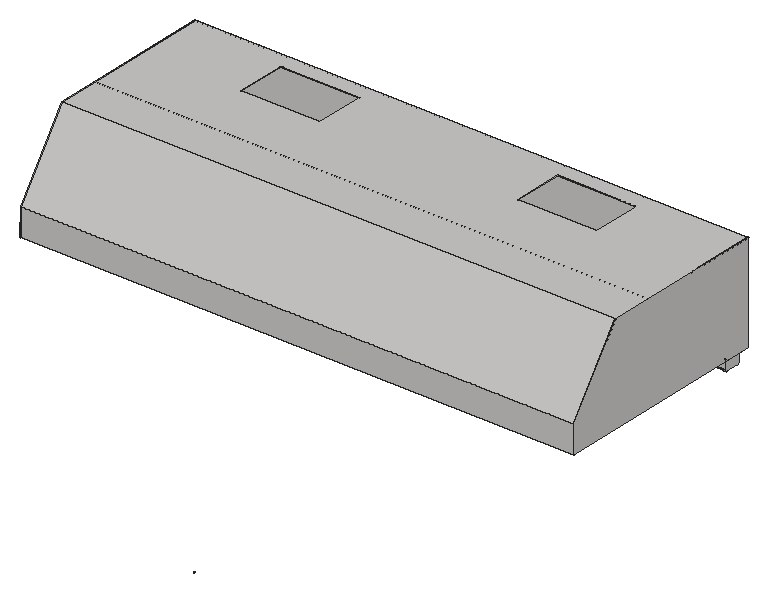
Revit family "QF_ELECTROLUXPROFESSIONAL_642334_BP1128DT", category Specialty Equipment, Revit 2014
Reference planes
  plane 1 "Center (Front/Back)": y = 0
  plane 2: z = 0
  plane 3 "Center (Left/Right)": x = 150
  plane 4 "LEFT": x = -1250
  plane 5 "RIGHT": x = 1550
  plane 6 "BACK": y = 550
  plane 7 "FRONT": y = -550
  plane 8 "TOP": z = 2500
  plane 9 "Base": z = 2000
  plane 10: z = 1926
  plane 11 "DrainY": y = 485
  plane 12: x = -1247
  plane 13: through (0, 414.509, 2000.8) normal (0, 0.7314, 0.682)
  plane 14: y = 470
  plane 15: y = 220
  plane 16 "DrainX": x = 1430
  plane 17: x = -350
  plane 18: x = 650
  plane 19: x = -750
  plane 20: x = 1050
  plane 21: x = 1547
  plane 22: x = 1340
  plane 23: x = 1520
  plane 24: x = -1210
  plane 25: x = -845
  plane 26: x = -450
  plane 27: x = 1510
  plane 28: x = 1145
  plane 29: x = 750
  plane 30: z = 2140
  plane 31: y = -290
Forms (mm)
  Extrusion 1, solid, material "QF_Finishes_Stainless Steel"
    sketch origin (-1250, 0, 360) x (0, 1, 0) y (0, 0, 1)
      loop
        line (550, 1640) -> (550, 2140) -> (-290, 2140) -> (-550, 1780) -> (-550, 1640) -> (550, 1640)
    from 0 to 3
  Extrusion 2, solid, material "QF_Finishes_Stainless Steel"
    sketch origin (150, 0, 360) x (0, 1, 0) y (0, 0, 1)
      loop
        line (415.255, 1640) -> (550, 1640) -> (550, 2139.19) -> (549.2, 2139.19) -> (549.2, 1640.8) -> (415.876, 1640.8) -> (339.347, 1722.867) -> (349.609, 1732.436) -> (348.927, 1733.167) -> (337.934, 1722.917) -> (415.255, 1640)
      loop
        line (-82.203, 2139.19) -> (-82.203, 2118.6) -> (-31.047, 2118.6) -> (34.354, 2048.466) -> (46.028, 2059.352) -> (45.346, 2060.083) -> (34.403, 2049.879) -> (-30.612, 2119.6) -> (-81.203, 2119.6) -> (-81.203, 2139.19) -> (-82.203, 2139.19)
    from -1397 to 1397
  Extrusion 3, solid, material "QF_Finishes_Stainless Steel"
    sketch origin (1550, 0, 360) x (0, 1, 0) y (0, 0, 1)
      loop
        line (550, 1640) -> (550, 2140) -> (-290, 2140) -> (-550, 1780) -> (-550, 1640) -> (550, 1640)
    from 0 to -3
  Extrusion 4, solid, material "QF_Finishes_Stainless Steel"
    sketch origin (150, 0, 360) x (0, 1, 0) y (0, 0, 1)
      loop
        line (550, 2139.19) -> (550, 2140) -> (-290, 2140) -> (-550, 1780) -> (-550, 1640) -> (-549.2, 1640) -> (-549.2, 1779.741) -> (-289.598, 2139.19) -> (550, 2139.19)
    from -1400 to 1400
  Extrusion 5, solid, material "QF_Finishes_Stainless Steel"
    sketch origin (150, 0, 360) x (0, 1, 0) y (0, 0, 1)
      loop
        line (534, 1640) -> (436, 1640) -> (436, 1627) -> (443.5, 1627) -> (443.5, 1576)
        arc (443.5, 1576) -> (446.429, 1568.929) -> (453.5, 1566) r 10
        line (453.5, 1566) -> (516.5, 1566)
        arc (516.5, 1566) -> (523.571, 1568.929) -> (526.5, 1576) r 10
        line (526.5, 1576) -> (526.5, 1627) -> (534, 1627) -> (534, 1640)
    from 1190 to 1370
  Extrusion 6, solid, material "QF_Finishes_Stainless Steel"
    sketch origin (0, 0, 2000) x (0, 1, 0) y (-1, 0, 0)
      loop
        circle (485, -1430) r 20
    from -76 to -74
  Extrusion 7, solid, material "QF_Finished_Chrome"
    sketch origin (150, 0, 360) x (0, 1, 0) y (0, 0, 1)
      loop
        line (337.934, 1722.917) -> (341.591, 1726.327) -> (38.011, 2051.876) -> (34.354, 2048.466) -> (337.934, 1722.917)
    from -995 to -1360
  Extrusion 8, solid, material "QF_Finished_Chrome"
    sketch origin (150, 0, 360) x (0, 1, 0) y (0, 0, 1)
      loop
        line (337.934, 1722.917) -> (341.591, 1726.327) -> (38.011, 2051.876) -> (34.354, 2048.466) -> (337.934, 1722.917)
    from 600 to -600
  Extrusion 9, solid, material "QF_Finishes_Stainless Steel"
    sketch origin (150, 0, 360) x (0, 1, 0) y (0, 0, 1)
      loop
        line (337.934, 1722.917) -> (341.591, 1726.327) -> (38.011, 2051.876) -> (34.354, 2048.466) -> (337.934, 1722.917)
    from 1397 to 1360
  Extrusion 10, solid, material "QF_Finishes_Stainless Steel"
    sketch origin (150, 0, 360) x (0, 1, 0) y (0, 0, 1)
      loop
        line (341.588, 1726.324) -> (38.009, 2051.874) -> (34.354, 2048.466) -> (337.934, 1722.917) -> (341.588, 1726.324)
    from -995 to -600
  Extrusion 11, solid, material "QF_Finished_Chrome"
    sketch origin (150, 0, 360) x (0, 1, 0) y (0, 0, 1)
      loop
        line (341.588, 1726.324) -> (38.009, 2051.874) -> (34.354, 2048.466) -> (337.934, 1722.917) -> (341.588, 1726.324)
    from 995 to 1360
  Extrusion 12, void
    sketch origin (0, 0, 2500) x (0, 1, 0) y (-1, 0, 0)
      loop
        line (470, 750) -> (220, 750) -> (220, 350) -> (470, 350) -> (470, 750)
    from 0 to -10
  Extrusion 13, void
    sketch origin (940, 0, 2500) x (0, 1, 0) y (-1, 0, 0)
      loop
        line (470, 290) -> (220, 290) -> (220, -110) -> (470, -110) -> (470, 290)
    from 0 to -10
  Extrusion 14, solid, material "QF_Finishes_Stainless Steel"
    sketch origin (0, 0, 0) x (1, 0, 0) y (0, 1, 0)
      loop
        line (-1250, 550) -> (-1250, 549) -> (-1249, 549) -> (-1249, 550) -> (-1250, 550)
    from 0 to 1
  Extrusion 15, solid, material "QF_Finishes_Stainless Steel"
    sketch origin (150, 0, 360) x (0, 1, 0) y (0, 0, 1)
      loop
        line (337.934, 1722.917) -> (341.591, 1726.327) -> (38.011, 2051.876) -> (34.354, 2048.466) -> (337.934, 1722.917)
    from -1360 to -1397
  Extrusion 16, solid, material "QF_Finishes_Stainless Steel"
    sketch origin (150, 0, 360) x (0, 1, 0) y (0, 0, -1)
      loop
        line (341.588, -1726.324) -> (337.934, -1722.917) -> (34.354, -2048.466) -> (38.009, -2051.874) -> (341.588, -1726.324)
    from -995 to -600
Cuts and joins
  Extrusion 12, Extrusion 13 cuts Extrusion 4
  joined: Extrusion 2, Extrusion 4
Lines and regions (mm)
  reference lines
    curve 1: line (150, 34.354, 2408.466) -> (150, 34.354, 2248.466)
  symbolic lines, style "SpecialityEquipment", detail levels coarse
    curve 2: line (1550, 550, 2500) -> (-1250, 550, 2500)
    curve 3: line (-1250, 550, 2500) -> (-1250, -550, 2500)
    curve 4: line (1550, -550, 2500) -> (1550, 550, 2500)
    curve 5: line (-1250, -550, 2500) -> (1550, -550, 2500)
    curve 6: line (-750, 220, 2500) -> (-350, 220, 2500)
    curve 7: line (-750, 470, 2500) -> (-750, 220, 2500)
    curve 8: line (-350, 470, 2500) -> (-750, 470, 2500)
    curve 9: line (-350, 220, 2500) -> (-350, 470, 2500)
    curve 10: line (650, 470, 2500) -> (650, 220, 2500)
    curve 11: line (650, 220, 2500) -> (1050, 220, 2500)
    curve 12: line (1050, 470, 2500) -> (650, 470, 2500)
    curve 13: line (1050, 220, 2500) -> (1050, 470, 2500)
    curve 14: line (-1250, -290, 0) -> (1550, -290, 0)
    curve 15: line (-1250, 550, 0) -> (1550, -290, 0)
    curve 16: line (1550, 550, 0) -> (-1250, -290, 0)
Dimensions and locks
  plane 4 "LEFT" to plane 5 "RIGHT" = 2800 mm
  equal spacing: plane 4 "LEFT", plane 3 "Center (Left/Right)", plane 5 "RIGHT"
  locked: plane 8 "TOP" to plane 9 "Base" at 500
  plane 9 "Base" to plane 10 = 74 mm
  plane 6 "BACK" to plane 11 "DrainY" = 65 mm  (x2)
  plane 4 "LEFT" to plane 12 = 3 mm
  plane 6 "BACK" to plane 14 = 80 mm
  plane 14 to plane 15 = 250 mm  (x2)
  plane 16 "DrainX" to plane 5 "RIGHT" = 120 mm
  locked: plane 17 to plane 18 at 1000
  equal spacing: plane 17, plane 3 "Center (Left/Right)", plane 18
  plane 19 to plane 17 = 400 mm
  plane 18 to plane 20 = 400 mm
  plane 21 to plane 5 "RIGHT" = 3 mm
  locked: plane 22 to plane 16 "DrainX" at 90
  locked: plane 16 "DrainX" to plane 23 at 90
  plane 6 "BACK" to plane 7 "FRONT" = 1100 mm
  equal spacing: plane 6 "BACK", plane 1 "Center (Front/Back)", plane 7 "FRONT"
  plane 15 to plane 7 "FRONT" = 770 mm
  plane 14 to plane 6 "BACK" = 80 mm
  locked: plane 4 "LEFT" to plane 24 at 40
  locked: plane 24 to plane 25 at 365
  locked: plane 25 to plane 26 at 395
  locked: plane 27 to plane 28 at 365
  locked: plane 28 to plane 29 at 395
  locked: plane 27 to plane 5 "RIGHT" at 40
  plane 26 to plane 29 = 1200 mm
  plane 30 to plane 9 "Base" = 140 mm
  plane 31 to plane 7 "FRONT" = 260 mm
  locked: plane 9 "Base" to level at 2000
  aligned and locked: level to plane 2
  aligned and locked: Extrusion 2 to Extrusion 1
  aligned and locked: Extrusion 2 to Extrusion 3
  aligned and locked: plane 5 "RIGHT" to Extrusion 4
  aligned and locked: Extrusion 4 to plane 4 "LEFT"
  aligned and locked: plane 21 to Extrusion 9
  aligned and locked: plane 19 to Extrusion 12
  aligned and locked: Extrusion 12 to plane 17
  aligned and locked: Extrusion 12 to plane 15
  aligned and locked: Extrusion 12 to plane 14
  aligned and locked: Extrusion 13 to plane 20
  aligned and locked: plane 18 to Extrusion 13
  aligned and locked: plane 23 to Extrusion 5
  aligned and locked: Extrusion 5 to plane 22
  aligned and locked: Extrusion 9 to plane 27
  aligned and locked: Extrusion 11 to plane 27
  aligned and locked: Extrusion 11 to plane 28
  aligned and locked: Extrusion 8 to plane 29
  aligned and locked: Extrusion 8 to plane 26
  aligned and locked: plane 26 to Extrusion 10
  aligned and locked: Extrusion 10 to plane 25
  aligned and locked: plane 25 to Extrusion 7
  aligned and locked: Extrusion 7 to plane 24
  aligned and locked: Extrusion 15 to plane 12
  aligned and locked: plane 24 to Extrusion 15
  aligned and locked: Extrusion 16 to plane 29
  aligned and locked: Extrusion 16 to plane 28
  aligned and locked: Extrusion 3 to plane 21
Automatic sketch dimensions
  curve 5 to plane 4 "LEFT" = 0 mm
  curve 5 to plane 7 "FRONT" = 0 mm
  curve 9 to plane 15 = 0 mm
  curve 10 to plane 15 = 0 mm
  plane 14 to curve 8 = 0 mm
  plane 14 to curve 12 = 0 mm
  curve 3 to plane 6 "BACK" = 0 mm
  curve 5 to plane 5 "RIGHT" = 0 mm
  curve 11 to plane 20 = 0 mm
  curve 10 to plane 18 = 0 mm
  curve 6 to plane 17 = 0 mm
  curve 6 to plane 19 = 0 mm
  Extrusion 2 sketch curve to plane 13 = 0 mm  (x3)
  Extrusion 2 sketch curve to plane 9 "Base" = 0 mm
  plane 13 to Extrusion 2 sketch curve = 0 mm
  Extrusion 2 sketch curve to plane 6 "BACK" = 0 mm
  Extrusion 2 sketch curve to Extrusion 2 sketch curve = 65.646 mm
  Extrusion 2 sketch curve to Extrusion 2 sketch curve = 0.682 mm  (x2)
  Extrusion 2 sketch curve to Extrusion 2 sketch curve = 10.261 mm
  plane 9 "Base" to Extrusion 2 sketch curve = 82.917 mm
  Extrusion 2 sketch curve to plane 1 "Center (Front/Back)" = 46.028 mm
  Extrusion 2 sketch curve to Extrusion 2 sketch curve = 10.942 mm
  Extrusion 2 sketch curve to Extrusion 2 sketch curve = 0.049 mm
  Extrusion 2 sketch curve to plane 8 "TOP" = 20.4 mm
  Extrusion 2 sketch curve to plane 8 "TOP" = 21.4 mm
  Extrusion 2 sketch curve to plane 8 "TOP" = 0.81 mm  (x2)
  Extrusion 2 sketch curve to Extrusion 2 sketch curve = 50.156 mm
  Extrusion 2 sketch curve to Extrusion 2 sketch curve = 1 mm
  plane 9 "Base" to Extrusion 2 sketch curve = 0.8 mm
  Extrusion 2 sketch curve to plane 6 "BACK" = 0.8 mm
  curve 1 to plane 13 = 0 mm
  curve 1 to plane 1 "Center (Front/Back)" = 34.354 mm
  Extrusion 5 sketch curve to plane 9 "Base" = 0 mm
  Extrusion 5 sketch curve to plane 10 = 0 mm
  Extrusion 5 sketch curve to plane 9 "Base" = 13 mm  (x2)
  plane 14 to Extrusion 5 sketch curve = 34 mm
  Extrusion 5 sketch curve to Extrusion 5 sketch curve = 7.5 mm  (x2)
  Extrusion 5 sketch curve to Extrusion 5 sketch curve = 10 mm
  plane 11 "DrainY" to Extrusion 5 sketch curve = 31.5 mm
  Extrusion 5 sketch curve to plane 6 "BACK" = 23.5 mm
  Extrusion 6 sketch curve to plane 11 "DrainY" = 0 mm
  Extrusion 6 sketch curve to plane 16 "DrainX" = 0 mm
  Extrusion 7 sketch curve to plane 13 = 0 mm  (x2)
  Extrusion 7 sketch curve to plane 1 "Center (Front/Back)" = 34.354 mm
  Extrusion 7 sketch curve to Extrusion 7 sketch curve = 3.657 mm
  plane 9 "Base" to Extrusion 7 sketch curve = 82.917 mm
  Extrusion 8 sketch curve to plane 13 = 0 mm  (x2)
  Extrusion 8 sketch curve to plane 1 "Center (Front/Back)" = 34.354 mm
  Extrusion 8 sketch curve to Extrusion 8 sketch curve = 3.657 mm
  plane 9 "Base" to Extrusion 8 sketch curve = 82.917 mm
  Extrusion 9 sketch curve to plane 13 = 0 mm  (x2)
  Extrusion 9 sketch curve to plane 1 "Center (Front/Back)" = 34.354 mm
  Extrusion 9 sketch curve to Extrusion 9 sketch curve = 3.657 mm
  plane 9 "Base" to Extrusion 9 sketch curve = 82.917 mm
  Extrusion 10 sketch curve to plane 13 = 0 mm  (x2)
  Extrusion 10 sketch curve to plane 1 "Center (Front/Back)" = 34.354 mm
  Extrusion 10 sketch curve to Extrusion 10 sketch curve = 3.655 mm
  plane 9 "Base" to Extrusion 10 sketch curve = 82.917 mm
  Extrusion 11 sketch curve to plane 13 = 0 mm  (x2)
  Extrusion 11 sketch curve to plane 1 "Center (Front/Back)" = 34.354 mm
  Extrusion 11 sketch curve to Extrusion 11 sketch curve = 3.655 mm
  plane 9 "Base" to Extrusion 11 sketch curve = 82.917 mm
  Extrusion 12 sketch curve to plane 15 = 0 mm
  plane 14 to Extrusion 12 sketch curve = 0 mm
  Extrusion 12 sketch curve to plane 17 = 0 mm
  Extrusion 12 sketch curve to plane 19 = 0 mm
  Extrusion 13 sketch curve to plane 15 = 0 mm
  plane 14 to Extrusion 13 sketch curve = 0 mm
  Extrusion 13 sketch curve to plane 20 = 0 mm
  Extrusion 13 sketch curve to plane 18 = 0 mm
  Extrusion 14 sketch curve to plane 4 "LEFT" = 0 mm
  Extrusion 14 sketch curve to plane 6 "BACK" = 0 mm
  plane 4 "LEFT" to Extrusion 14 sketch curve = 1 mm
  Extrusion 14 sketch curve to plane 6 "BACK" = 1 mm
  Extrusion 15 sketch curve to plane 13 = 0 mm  (x2)
  Extrusion 15 sketch curve to plane 1 "Center (Front/Back)" = 34.354 mm
  Extrusion 15 sketch curve to Extrusion 15 sketch curve = 3.657 mm
  plane 9 "Base" to Extrusion 15 sketch curve = 82.917 mm
  Extrusion 16 sketch curve to plane 13 = 0 mm  (x2)
  Extrusion 16 sketch curve to plane 1 "Center (Front/Back)" = 34.354 mm
  Extrusion 16 sketch curve to Extrusion 16 sketch curve = 3.655 mm
  plane 9 "Base" to Extrusion 16 sketch curve = 82.917 mm
  curve 1 to curve 1 = 160 mm
  Extrusion 4 sketch curve to plane 7 "FRONT" = 0 mm
  Extrusion 4 sketch curve to plane 8 "TOP" = 0 mm
  Extrusion 4 sketch curve to plane 31 = 0 mm
  Extrusion 4 sketch curve to plane 6 "BACK" = 0 mm
  Extrusion 4 sketch curve to plane 9 "Base" = 0 mm
  Extrusion 4 sketch curve to plane 30 = 0 mm
  Extrusion 4 sketch curve to plane 30 = 0.259 mm
  plane 7 "FRONT" to Extrusion 4 sketch curve = 0.8 mm
  Extrusion 4 sketch curve to Extrusion 4 sketch curve = 0.81 mm
  Extrusion 4 sketch curve to plane 31 = 0.402 mm
  Extrusion 1 sketch curve to plane 7 "FRONT" = 0 mm
  Extrusion 1 sketch curve to plane 8 "TOP" = 0 mm
  Extrusion 1 sketch curve to plane 31 = 0 mm
  Extrusion 1 sketch curve to plane 6 "BACK" = 0 mm
  Extrusion 1 sketch curve to plane 9 "Base" = 0 mm
  Extrusion 1 sketch curve to plane 30 = 0 mm
  Extrusion 3 sketch curve to plane 7 "FRONT" = 0 mm
  Extrusion 3 sketch curve to plane 8 "TOP" = 0 mm
  Extrusion 3 sketch curve to plane 31 = 0 mm
  Extrusion 3 sketch curve to plane 6 "BACK" = 0 mm
  Extrusion 3 sketch curve to plane 9 "Base" = 0 mm
  Extrusion 3 sketch curve to plane 30 = 0 mm
  curve 16 to plane 4 "LEFT" = 0 mm
  curve 15 to plane 4 "LEFT" = 0 mm
  curve 16 to plane 5 "RIGHT" = 0 mm
  curve 14 to plane 5 "RIGHT" = 0 mm
  plane 31 to curve 14 = 0 mm
  curve 16 to plane 6 "BACK" = 0 mm
  curve 15 to plane 6 "BACK" = 0 mm
  radius of Extrusion 6 sketch curve = 20 mm
Connectors
  piping at (1430, 485, 1924), diameter 20
    settings: on Extrusion 6, index 1, connector inside diameter 609.6 mm, connector length 0 mm, flow factor 0, pipe flow 0.0 L/s, pressure drop 0.0 Pa, fitting loss kfactor 0, connector angle 0.00°, fixture units 0, engagement length 0 mm, angle of deflection 0.00°, flow configuration 1, flow direction 2, fitting loss method 0, system type 16, joint type 0, gender type 0, connector reference index -1, connector utility 0, adjustable connector no, is connector primary yes, connector description "Drain"
  hvac at (-550, 345, 2500)
    settings: on Extrusion 12, index 2, duct flow 0.0 L/s, flow factor 0, pres drop 0.0 Pa, loss coef 0, conn angle 0.00°, conn width 250 mm, conn height 400 mm, conn diameter 609.6 mm, duct sys type 3, conn prof type 1, flow config 1, flow direction 0, loss method 0, conn ref index -1, conn util no, is conn primary yes, conn desc "EXHAUST OUTLET"
  hvac at (850, 345, 2500)
    settings: on Extrusion 13, index 3, duct flow 0.0 L/s, flow factor 0, pres drop 0.0 Pa, loss coef 0, conn angle 0.00°, conn width 250 mm, conn height 400 mm, conn diameter 609.6 mm, duct sys type 3, conn prof type 1, flow config 1, flow direction 0, loss method 0, conn ref index -1, conn util no, is conn primary no, conn desc "EXHAUST OUTLET"
